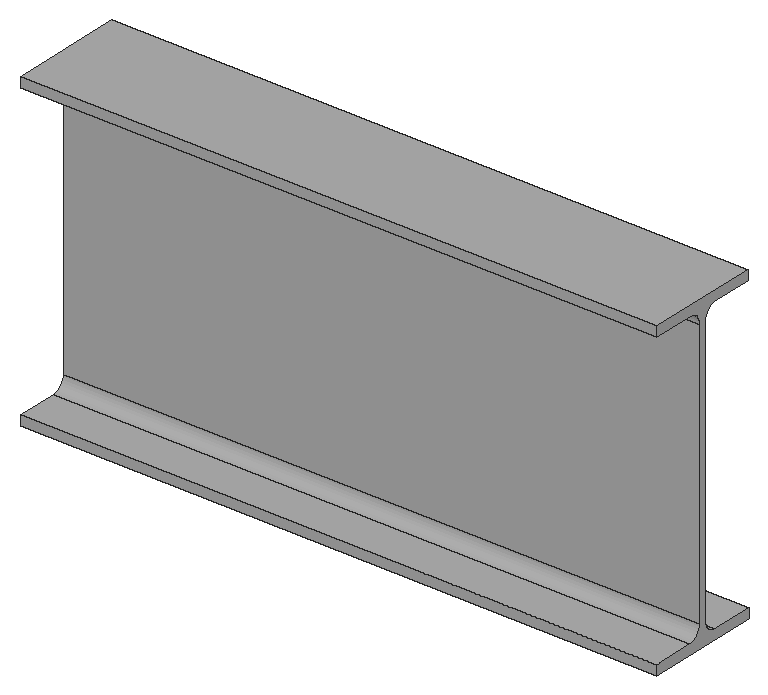
Revit family "Steel Framing IPE", category Structural Framing, Revit 2015
Parameters (values of type "IPE600")
  W = 1.2009
  Structural Material [instance] = Steel
  Assembly Code = ""
  Angle [instance] = 0.00°
  Length [instance] = 1500 mm
  bf = 220 mm
  d = 600 mm
  k = 43 mm
  tr = k - tf  # 24 mm
  tf = 19 mm
  tw = 12 mm
  A = 0.0156 m²
Reference planes
  plane 1 "Center (Front/Back)": y = 0
  plane 2: z = 0
  plane 3 "Center (Left/Right)": x = 4.61
  plane 4 "Member Left": x = -604.99
  plane 5 "Member Right": x = 614.21
  plane 6: y = 110
  plane 7: y = -110
  plane 8 "Top": z = 300
  plane 9: z = -300
  plane 10 "Left": x = -757.39
  plane 11 "Right": x = 742.61
Forms (mm)
  Sweep 1, solid, material "Steel" <- "Structural Material", detail levels medium
    path origin (0, 0, 0) x (1, 0, 0) y (0, 1, 0)
      loop
        line (614.21, 0) -> (-604.99, 0)
    profile "M_W-Wide Flange-Profile-Medium : M_W-Wide Flange-Profile-Medium" origin (4.61, 0, 0) x (0, -1, 0) y (0, 0, 1)
      loop
        line (-110, -300) -> (110, -300) -> (110, -281) -> (6, -281) -> (6, 281) -> (110, 281) -> (110, 300) -> (-110, 300) -> (-110, 281) -> (-6, 281) -> (-6, -281) -> (-110, -281) -> (-110, -300)
  Sweep 2, solid, material "Steel" <- "Structural Material", detail levels fine
    path origin (0, 0, 0) x (1, 0, 0) y (0, 1, 0)
      loop
        line (614.21, 0) -> (-604.99, 0)
    profile "M_W-Wide Flange-Profile-Fine : M_W-Wide Flange-Profile-Fine" origin (4.61, 0, 0) x (0, -1, 0) y (0, 0, 1)
      loop
        line (-110, -300) -> (110, -300) -> (110, -281) -> (30, -281)
        arc (30, -281) -> (13.029, -273.971) -> (6, -257) r 24
        line (6, -257) -> (6, 257)
        arc (6, 257) -> (13.029, 273.971) -> (30, 281) r 24
        line (30, 281) -> (110, 281) -> (110, 300) -> (-110, 300) -> (-110, 281) -> (-30, 281)
        arc (-30, 281) -> (-13.029, 273.971) -> (-6, 257) r 24
        line (-6, 257) -> (-6, -257)
        arc (-6, -257) -> (-13.029, -273.971) -> (-30, -281) r 24
        line (-30, -281) -> (-110, -281) -> (-110, -300)
Lines and regions (mm)
  symbolic lines, style "Hidden Faces", detail levels medium+fine
    curve 1: line (614.21, -6, 0) -> (-604.99, -6, 0)
    curve 2: line (614.21, 6, 0) -> (-604.99, 6, 0)
  reference lines
    curve 3: line (4.61, 0, 0) -> (4.61, 0, 15)
  symbolic lines, style "Stick Symbols", detail levels coarse
    curve 4: line (4.61, 110, 300) -> (4.61, -110, 300)
    curve 5: line (4.61, -110, -300) -> (4.61, 110, -300)
    curve 6: line (4.61, 0, -300) -> (4.61, 0, 300)
Dimensions and locks
  "bf": plane 6 to plane 7
  "d": plane 9 to plane 8 "Top"
  equal spacing: plane 9, plane 2, plane 8 "Top"
  equal spacing: plane 6, plane 1 "Center (Front/Back)", plane 7
  "Length": plane 10 "Left" to plane 11 "Right"
  "tw": curve 2 to curve 1
  equal spacing: curve 2, plane 1 "Center (Front/Back)", curve 1
  "Angle": angle plane 1 "Center (Front/Back)" to curve 3
  aligned and locked: Sweep 1 sketch curve to plane 1 "Center (Front/Back)"
  aligned and locked: Sweep 2 sketch curve to plane 1 "Center (Front/Back)"
  aligned and locked: Sweep 2 to curve 4  (x2)
  aligned and locked: Sweep 2 to curve 5  (x2)
  aligned and locked: curve 6 to curve 3
  aligned and locked: curve 5 to Sweep 2
  aligned and locked: curve 4 to Sweep 2
  aligned and locked: plane 1 "Center (Front/Back)" to curve 3
  aligned and locked: plane 4 "Member Left" to Sweep 1 sketch curve
  aligned and locked: plane 5 "Member Right" to Sweep 1 sketch curve
  aligned and locked: plane 4 "Member Left" to Sweep 2 sketch curve
  aligned and locked: plane 5 "Member Right" to Sweep 2 sketch curve
  aligned and locked: plane 4 "Member Left" to curve 1
  aligned and locked: plane 5 "Member Right" to curve 1
  aligned and locked: plane 4 "Member Left" to curve 2
  aligned and locked: plane 5 "Member Right" to curve 2
Automatic sketch dimensions
  curve 3 to level = 0 mm
Types in the file's own list only (17): name | W | bf | d | k | tr | tf | tw | A
  IPE80 | 0.05884 | 46 mm | 80 mm | 10 mm | 5 mm | 5 mm | 4 mm | 0.00 m²
  IPE100 | 0.079336 | 55 mm | 100 mm | 13 mm | 7 mm | 6 mm | 4 mm | 0.00 m²
  IPE120 | 0.101597 | 64 mm | 120 mm | 13 mm | 7 mm | 6 mm | 4 mm | 0.00 m²
  IPE140 | 0.126212 | 73 mm | 140 mm | 14 mm | 7 mm | 7 mm | 5 mm | 0.00 m²
  IPE160 | 0.154749 | 82 mm | 160 mm | 16 mm | 9 mm | 7 mm | 5 mm | 0.00 m²
  IPE180 | 0.183973 | 91 mm | 180 mm | 17 mm | 9 mm | 8 mm | 5 mm | 0.00 m²
  IPE200 | 0.219375 | 100 mm | 200 mm | 21 mm | 12 mm | 9 mm | 6 mm | 0.00 m²
  IPE220 | 0.25713 | 110 mm | 220 mm | 21 mm | 12 mm | 9 mm | 6 mm | 0.00 m²
  IPE240 | 0.300966 | 120 mm | 240 mm | 25 mm | 15 mm | 10 mm | 6 mm | 0.00 m²
  IPE270 | 0.353334 | 135 mm | 270 mm | 25 mm | 15 mm | 10 mm | 7 mm | 0.00 m²
  IPE300 | 0.414135 | 150 mm | 300 mm | 26 mm | 15 mm | 11 mm | 7 mm | 0.01 m²
  IPE330 | 0.481899 | 160 mm | 330 mm | 30 mm | 18 mm | 12 mm | 8 mm | 0.01 m²
  IPE360 | 0.559666 | 170 mm | 360 mm | 31 mm | 18 mm | 13 mm | 8 mm | 0.01 m²
  IPE400 | 0.650475 | 180 mm | 400 mm | 35 mm | 21 mm | 14 mm | 9 mm | 0.01 m²
  IPE450 | 0.760604 | 190 mm | 450 mm | 36 mm | 21 mm | 15 mm | 9 mm | 0.01 m²
  IPE500 | 0.892994 | 200 mm | 500 mm | 37 mm | 21 mm | 16 mm | 10 mm | 0.01 m²
  IPE550 | 1.031562 | 210 mm | 550 mm | 41 mm | 24 mm | 17 mm | 11 mm | 0.01 m²
